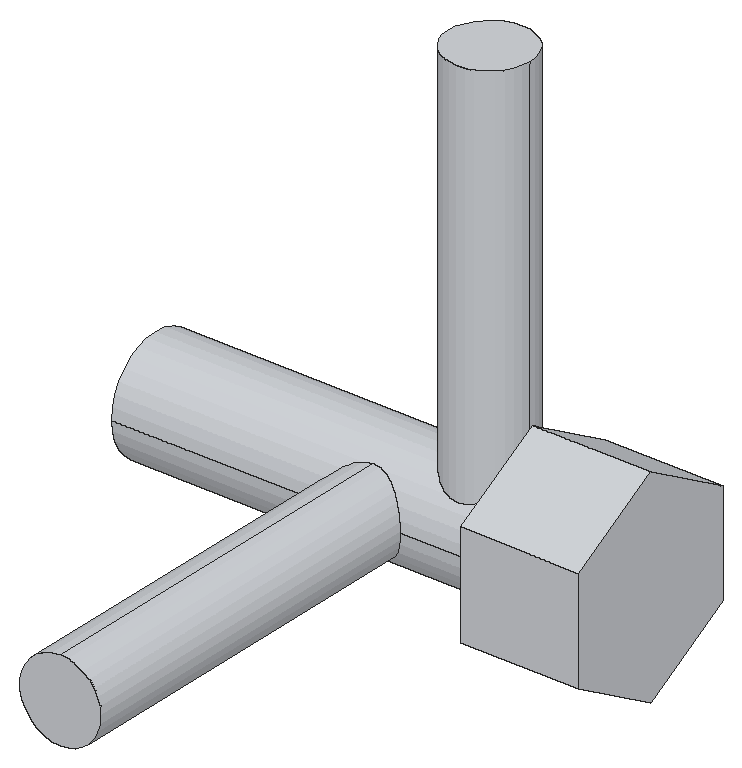
Revit family "307_Cim721-_", category Pipe Accessories, Revit 2017
Family settings
  Round Connector Dimension = Use Diameter
  Part Type = Breaks Into
  Work Plane-Based = No
  Always vertical = Yes
  Cut with Voids When Loaded = No
  Shared = No
Parameters (values of type "Cim721L-15")
  magiProductId = "Cim721L-15"
  magiProductFamilyId = "Cim721-*"
  magiProductCode = "Cim721L-15"
  magiPartTypeId = 307
  isMeasuringValve [instance] = no
  ang2D [instance] = 0.00°
  W2D = 15 mm
  VersionID = "2.0/2015.11/CIMBERIO_CIM721_Q13_001"
  Use Minimum Symbol Size [instance] = yes
  URL = "www.cimberio.it"
  R1 = 14 mm
  R = 7.5 mm
  QmdConnectorList = "301;D;302;D"
  Productdata [instance] = "© Progman Oy, all rights reserved"
  Manufacturer = "Cimberio"
  MC_Default_elevation = 0 mm
  LL3 = 21.833 mm
  LL2 = 51 mm
  LL1 = 33.5 mm
  L2D_Min = 3048 mm
  L2D = 67 mm
  L1__ve = -L1  # -16 mm
  L1 = 16 mm
  H__ve = -H  # -58 mm
  H = 58 mm
  Description = "METERING STATION - PN 20 - \"CR\" BRASS"
  D2 = 11 mm
  D = 15 mm
  CenSd_R1_6 = R1 * cos(30.00°)  # 12.124 mm
  CAT0 = yes
Types (11, lengths in mm): name | magiProductId | magiProductCode | W2D | R1 | R | LL3 | LL2 | LL1 | L2D | H__ve | H | D | CenSd_R1_6
  Cim721L-15 | "Cim721L-15" | "Cim721L-15" | 15 | 14 | 7.5 | 21.833 | 51 | 33.5 | 67 | -58 | 58 | 15 | 12.124
  Cim721-50 | "Cim721-50" | "Cim721-50" | 50 | 35.5 | 25 | 24 | 64 | 40 | 80 | -78 | 78 | 50 | 30.744
  Cim721-40 | "Cim721-40" | "Cim721-40" | 40 | 28 | 20 | 22.5 | 55 | 35.5 | 71 | -72 | 72 | 40 | 24.249
  Cim721-32 | "Cim721-32" | "Cim721-32" | 32 | 25.5 | 16 | 22.5 | 55 | 35.5 | 71 | -70 | 70 | 32 | 22.084
  Cim721-25 | "Cim721-25" | "Cim721-25" | 25 | 20 | 12.5 | 21.333 | 48 | 32 | 64 | -64 | 64 | 25 | 17.321
  Cim721-20 | "Cim721-20" | "Cim721-20" | 20 | 17 | 10 | 21.833 | 51 | 33.5 | 67 | -62 | 62 | 20 | 14.722
  Cim721-15 | "Cim721-15" | "Cim721-15" | 15 | 14 | 7.5 | 21.833 | 51 | 33.5 | 67 | -58 | 58 | 15 | 12.124
  Cim721UUL-15 | "Cim721UUL-15" | "Cim721UUL-15" | 15 | 14 | 7.5 | 21.833 | 51 | 33.5 | 67 | -58 | 58 | 15 | 12.124
  Cim721ULL-15 | "Cim721ULL-15" | "Cim721ULL-15" | 15 | 14 | 7.5 | 21.833 | 51 | 33.5 | 67 | -58 | 58 | 15 | 12.124
  Cim721UL-15 | "Cim721UL-15" | "Cim721UL-15" | 15 | 14 | 7.5 | 21.833 | 51 | 33.5 | 67 | -58 | 58 | 15 | 12.124
  Cim721M-15 | "Cim721M-15" | "Cim721M-15" | 15 | 14 | 7.5 | 21.833 | 51 | 33.5 | 67 | -58 | 58 | 15 | 12.124
Reference planes
  plane 1 "Center (Front/Back)": y = 0
  plane 2 "XYPLANE": z = 0
  plane 3 "Center (Left/Right)": x = 0
  plane 4 "INIT_TEMP": y = 100
  plane 5 "110": x = 11.667
  plane 6 "109": x = 33.5
  plane 7 "108": x = -33.5
  plane 8 "107": z = 0
  plane 9 "106": y = 0
  plane 10 "105": x = 0
Forms (mm)
  Extrusion 1, solid, visible <- "CAT0"
    sketch origin (750, 0, 0) x (-1, 0, 0) y (0, 0, 1)
      loop
        circle (750, 0) r 5.5
    from 0 to -58 <- "H__ve"
  Extrusion 2, solid, visible <- "CAT0"
    sketch origin (-750, 0, 0) x (1, 0, 0) y (0, 1, 0)
      loop
        circle (761.667, 0) r 5.5
    from 0 to 58 <- "H"
  Extrusion 3, solid, visible <- "CAT0"
    sketch origin (33.5, -750, 0) x (0, 1, 0) y (0, 0, 1)
      loop
        line (750, 14) -> (737.876, 7) -> (737.876, -7) -> (750, -14) -> (762.124, -7) -> (762.124, 7) -> (750, 14)
    from 0 to -16 <- "L1__ve"
  Extrusion 4, solid, visible <- "CAT0"
    sketch origin (-33.5, -750, 0) x (0, 1, 0) y (0, 0, 1)
      loop
        circle (750, 0) r 7.5
    from 0 to 51 <- "LL2"
  Extrusion 5, solid, not visible
    sketch origin (33.5, -750, 0) x (0, 1, 0) y (0, 0, 1)
      loop
        circle (750, 0) r 10
    from 0 to -10
  Extrusion 6, solid, not visible
    sketch origin (-33.5, -750, 0) x (0, 1, 0) y (0, 0, 1)
      loop
        circle (750, 0) r 10
    from 0 to 10
Lines and regions (mm)
  reference lines
    curve 1: circle (33.5, 0, 0) r 1 normal (-1, 0, 0)
Text (mm)
  text "© Progman Oy, all rights reserved" at (-472.209, -2482.653, 0), in view "Ref. Level"
Dimensions and locks
  plane 4 "INIT_TEMP" to plane 1 "Center (Front/Back)" = 100 mm
  "LL3": plane 6 "109" to plane 5 "110"
  "LL1": plane 3 "Center (Left/Right)" to plane 6 "109"
  "LL1": plane 3 "Center (Left/Right)" to plane 7 "108"
  locked: plane 2 "XYPLANE" to plane 8 "107"
  locked: plane 1 "Center (Front/Back)" to plane 9 "106"
  locked: plane 3 "Center (Left/Right)" to plane 10 "105"
  "CenSd_R1_6": curve 1 to Extrusion 3 sketch curve  (x6)
  "R1": curve 1 to Extrusion 3 sketch curve  (x6)
  "D2": diameter of Extrusion 1 sketch curve
  "D2": diameter of Extrusion 2 sketch curve
  "R": radius of Extrusion 4 sketch curve
  aligned and locked: level to plane 2 "XYPLANE"
  aligned and locked: plane 8 "107" to Extrusion 1 sketch curve
  aligned and locked: plane 10 "105" to Extrusion 1 sketch curve
  aligned and locked: plane 5 "110" to Extrusion 2 sketch curve
  aligned and locked: plane 9 "106" to Extrusion 2 sketch curve
  aligned and locked: plane 8 "107" to curve 1
  aligned and locked: curve 1 to plane 9 "106"
  aligned and locked: plane 8 "107" to Extrusion 4 sketch curve
  aligned and locked: Extrusion 4 sketch curve to plane 9 "106"
  aligned and locked: plane 8 "107" to Extrusion 5 sketch curve
  aligned and locked: Extrusion 5 sketch curve to plane 9 "106"
  aligned and locked: plane 8 "107" to Extrusion 6 sketch curve
  aligned and locked: Extrusion 6 sketch curve to plane 9 "106"
Automatic sketch dimensions
  plane 1 "Center (Front/Back)" to Extrusion 5 sketch curve = 10 mm
  plane 1 "Center (Front/Back)" to Extrusion 6 sketch curve = 10 mm
  radius of curve 1 = 1 mm
Connectors
  piping at (-33.5, 0, 0), diameter 15, driven by "D"
    settings: on Extrusion 6, index 1, connector inside diameter 609.6 mm, connector length 0 mm, flow factor 0, pipe flow 0.0 L/s, pressure drop 0.0 Pa, fitting loss kfactor 0, connector angle 0.00°, fixture units 0, engagement length 0 mm, angle of deflection 0.00°, flow configuration 0, flow direction 0, fitting loss method 0, system type 29, joint type 0, gender type 0, connector reference index 2, connector utility 0, adjustable connector no, is connector primary yes, connector description ""
  piping at (33.5, 0, 0), diameter 15, driven by "D"
    settings: on Extrusion 5, index 2, connector inside diameter 609.6 mm, connector length 0 mm, flow factor 0, pipe flow 0.0 L/s, pressure drop 0.0 Pa, fitting loss kfactor 0, connector angle 0.00°, fixture units 0, engagement length 0 mm, angle of deflection 0.00°, flow configuration 0, flow direction 0, fitting loss method 0, system type 29, joint type 0, gender type 0, connector reference index 1, connector utility 0, adjustable connector no, is connector primary no, connector description ""
